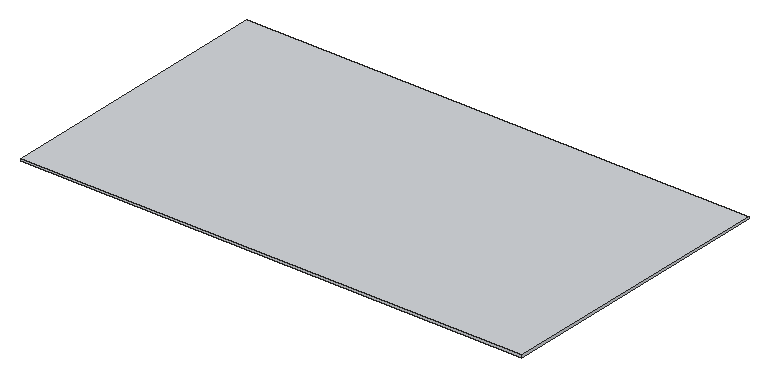
Revit family "LA2 Connected Rings", category Lighting Fixtures, host Face, Revit 2014
Parameters (values of type "10'x8"x6"")
  Weight = "75 lbs"
  Wattage Comments = ""
  Wattage = 9.6 W
  built-in parameter 1150110 = 1 (stored number, unit not read)
  built-in parameter 1114217 = 1 (stored number, unit not read)
  built-in parameter 1150109 = 1 (stored number, unit not read)
  built-in parameter 1150134 = (empty or 0)
  built-in parameter 1150113 = 1 (stored number, unit not read)
  Comments = "This model is for use in spatial massing and rendering. Please contact LightArt for pick-point placement and installation details."
  6' = no
  STANDARDS = "6-8 week lead time, Damp rated, UL Compliant / CSA Approved"
  Shade = 3form Varia Ecoresin
  Model = "LA2 Connected Rings"
  8' = no
  Manufacturer = "LightArt"
  Lumens = 960 lm
  built-in parameter 1150115 = 1 (stored number, unit not read)
  built-in parameter 1150105 = 305.58 (stored number, unit not read)
  Light Source Symbol Size = 2' - 0"
  built-in parameter 1150137 = (empty or 0)
  built-in parameter 1150139 = (empty or 0)
  Length = 4' - 0"
  16 = no
  14 = no
  10' = yes
  built-in parameter 1150112 = 1 (stored number, unit not read)
  built-in parameter 1150114 = 1 (stored number, unit not read)
  LIGHTING = "Solid State LED System\r\n120v-277v input; 24v driver;\r\n0-10v dimming compatible\r\n3000k 81 CRI light source\r\nS - 14w, 1050mA, 1045 lumens"
  Keynote = ""
  Input = "120v-277v"
  built-in parameter 1150132 = (empty or 0)
  built-in parameter 1150102 = (empty or 0)
  built-in parameter 1150138 = (empty or 0)
  built-in parameter 1150107 = 3000 (stored number, unit not read)
  built-in parameter 1150106 = 3.0558 (stored number, unit not read)
  Height = 0' - 4"
  Hardware = Stainless Steel Cables
  Suspension = if(Length < 8' 0", if(Length > 2' 0", Length, 2' 0"), 8' 0")  # 4' - 0"
  HARDWARE = "(8)3/64” Stainless Steel cables. Adjustable 24”-96” to canopy connection. Custom lengths available.\r\nStainless steel canopy mounts to\r\nstandard junction box (provided by others)\r\n(3-4) 3/64” stainless steel cables to canopy\r\nSilver power cord to canopy\r\nAdjustable 24”-96” suspension"
  Emit from Circle Diameter = 8' - 0"
  Emit Shape Visible in Rendering = no
  built-in parameter 1150104 = 9.2903 (stored number, unit not read)
  Driver = ""
  Dimming Lamp Color Temperature Shift = <None>
  Dimming Compatibility = "0-10v"
  Description = "(4) Stainless Steel canopies, \r\nMounts to standard junction box"
  Diffuser = White Opal Acrylic
  Default Elevation [instance] = 4' - 0"
  Color Filter = 16777215
  Canopy = La2-connect : La2-connect
  built-in parameter 1114218 = 1 (stored number, unit not read)
  built-in parameter 1150133 = 10 (stored number, unit not read)
  12' = no
Reference planes (in)
  plane 1 "Light Source Axis (F/B)": y = 0
  plane 2 "Ceiling": z = 0
  plane 3 "Light Source Axis (L/R)": x = 0
  plane 4 "Light Source Elevation": z = -51.6155
  plane 5: z = -49.6155
  plane 6: z = 0
  plane 7: z = -1.6155
Forms (in)
  Extrusion 1, solid
    sketch origin (0, 0, 0) x (1, 0, 0) y (0, 1, 0)
      loop
        line (-248.17771, -141.28972) -> (281.51136, -141.28972) -> (281.51136, 157.66541) -> (-248.17771, 157.66541) -> (-248.17771, -141.28972)
    from 0 to 2.30554
  Extrusion 2, solid, material "Stainless Steel Cables" <- "Hardware", visible <- "6'"
    sketch origin (0, 0, -96) x (1, 0, 0) y (0, 1, 0)
      loop
        circle (-33.33577, 0) r 0.02344
    from 46.3845 to 96
  Extrusion 3, solid, material "Stainless Steel Cables" <- "Hardware", visible <- "6'"
    sketch origin (0, 0, -96) x (0.5, -0.866025, 0) y (0.866025, 0.5, 0)
      loop
        circle (-33.33577, 0) r 0.02344
    from 46.3845 to 96
  Extrusion 4, solid, material "Stainless Steel Cables" <- "Hardware", visible <- "6'"
    sketch origin (0, 0, -96) x (-0.5, -0.866025, 0) y (0.866025, -0.5, 0)
      loop
        circle (-33.33577, 0) r 0.02344
    from 46.3845 to 96
  Extrusion 5, solid, material "Stainless Steel Cables" <- "Hardware", visible <- "6'"
    sketch origin (0, 0, -96) x (-1, 0, 0) y (0, -1, 0)
      loop
        circle (-33.33577, 0) r 0.02344
    from 46.3845 to 96
  Extrusion 6, solid, material "Stainless Steel Cables" <- "Hardware", visible <- "6'"
    sketch origin (0, 0, -96) x (-0.5, 0.866025, 0) y (-0.866025, -0.5, 0)
      loop
        circle (-33.33577, 0) r 0.02344
    from 46.3845 to 96
  Extrusion 7, solid, material "Stainless Steel Cables" <- "Hardware", visible <- "6'"
    sketch origin (0, 0, -96) x (0.5, 0.866025, 0) y (-0.866025, 0.5, 0)
      loop
        circle (-33.33577, 0) r 0.02344
    from 46.3845 to 96
  Extrusion 8, solid, material "Stainless Steel Cables" <- "Hardware", visible <- "8'"
    sketch origin (5.875, 10.1758, -96) x (-0.5, -0.866025, 0) y (0.866025, -0.5, 0)
      loop
        circle (-33.33577, 0) r 0.02344
    from 46.3845 to 96
  Extrusion 9, solid, material "Stainless Steel Cables" <- "Hardware", visible <- "8'"
    sketch origin (-3.04112, 11.34963, -96) x (0.258819, -0.965926, 0) y (0.965926, 0.258819, 0)
      loop
        circle (-33.33577, 0) r 0.02344
    from 46.3845 to 96
  Extrusion 10, solid, material "Stainless Steel Cables" <- "Hardware", visible <- "8'"
    sketch origin (-10.1758, 5.875, -96) x (0.866025, -0.5, 0) y (0.5, 0.866025, 0)
      loop
        circle (-33.33577, 0) r 0.02344
    from 46.3845 to 96
  Extrusion 11, solid, material "Stainless Steel Cables" <- "Hardware", visible <- "8'"
    sketch origin (-11.34963, -3.04112, -96) x (0.965926, 0.258819, 0) y (-0.258819, 0.965926, 0)
      loop
        circle (-33.33577, 0) r 0.02344
    from 46.3845 to 96
  Extrusion 12, solid, material "Stainless Steel Cables" <- "Hardware", visible <- "8'"
    sketch origin (-5.875, -10.1758, -96) x (0.5, 0.866025, 0) y (-0.866025, 0.5, 0)
      loop
        circle (-33.33577, 0) r 0.02344
    from 46.3845 to 96
  Extrusion 13, solid, material "Stainless Steel Cables" <- "Hardware", visible <- "8'"
    sketch origin (3.04112, -11.34963, -96) x (-0.258819, 0.965926, 0) y (-0.965926, -0.258819, 0)
      loop
        circle (-33.33577, 0) r 0.02344
    from 46.3845 to 96
  Extrusion 14, solid, material "Stainless Steel Cables" <- "Hardware", visible <- "8'"
    sketch origin (10.1758, -5.875, -96) x (-0.866025, 0.5, 0) y (-0.5, -0.866025, 0)
      loop
        circle (-33.33577, 0) r 0.02344
    from 46.3845 to 96
  Extrusion 15, solid, material "Stainless Steel Cables" <- "Hardware", visible <- "8'"
    sketch origin (11.34963, 3.04112, -96) x (-0.965926, -0.258819, 0) y (0.258819, -0.965926, 0)
      loop
        circle (-33.33577, 0) r 0.02344
    from 46.3845 to 96
  Extrusion 16, solid, material "Stainless Steel Cables" <- "Hardware", visible <- "12'"
    sketch origin (-34.29037, -9.18808, -96) x (0.965926, 0.258819, 0) y (-0.258819, 0.965926, 0)
      loop
        circle (-33.33577, 0) r 0.02344
    from 46.3845 to 96
  Extrusion 17, solid, material "Stainless Steel Cables" <- "Hardware", visible <- "12'"
    sketch origin (-30.7439, 17.75, -96) x (0.866025, -0.5, 0) y (0.5, 0.866025, 0)
      loop
        circle (-33.33577, 0) r 0.02344
    from 46.3845 to 96
  Extrusion 18, solid, material "Stainless Steel Cables" <- "Hardware", visible <- "12'"
    sketch origin (-9.18808, 34.29037, -96) x (0.258819, -0.965926, 0) y (0.965926, 0.258819, 0)
      loop
        circle (-33.33577, 0) r 0.02344
    from 46.3845 to 96
  Extrusion 19, solid, material "Stainless Steel Cables" <- "Hardware", visible <- "12'"
    sketch origin (17.75, 30.7439, -96) x (-0.5, -0.866025, 0) y (0.866025, -0.5, 0)
      loop
        circle (-33.33577, 0) r 0.02344
    from 46.3845 to 96
  Extrusion 20, solid, material "Stainless Steel Cables" <- "Hardware", visible <- "12'"
    sketch origin (34.29037, 9.18808, -96) x (-0.965926, -0.258819, 0) y (0.258819, -0.965926, 0)
      loop
        circle (-33.33577, 0) r 0.02344
    from 46.3845 to 96
  Extrusion 21, solid, material "Stainless Steel Cables" <- "Hardware", visible <- "12'"
    sketch origin (30.7439, -17.75, -96) x (-0.866025, 0.5, 0) y (-0.5, -0.866025, 0)
      loop
        circle (-33.33577, 0) r 0.02344
    from 46.3845 to 96
  Extrusion 22, solid, material "Stainless Steel Cables" <- "Hardware", visible <- "12'"
    sketch origin (9.18808, -34.29037, -96) x (-0.258819, 0.965926, 0) y (-0.965926, -0.258819, 0)
      loop
        circle (-33.33577, 0) r 0.02344
    from 46.3845 to 96
  Extrusion 23, solid, material "Stainless Steel Cables" <- "Hardware", visible <- "12'"
    sketch origin (-17.75, -30.7439, -96) x (0.5, 0.866025, 0) y (-0.866025, 0.5, 0)
      loop
        circle (-33.33577, 0) r 0.02344
    from 46.3845 to 96
  Extrusion 24, solid, material "Stainless Steel Cables" <- "Hardware", visible <- "10'"
    sketch origin (11.875, 20.5681, -96) x (-0.5, -0.866025, 0) y (0.866025, -0.5, 0)
      loop
        circle (-33.33577, 0) r 0.02344
    from 46.3845 to 96
  Extrusion 25, solid, material "Stainless Steel Cables" <- "Hardware", visible <- "10'"
    sketch origin (22.94074, 6.14695, -96) x (-0.965926, -0.258819, 0) y (0.258819, -0.965926, 0)
      loop
        circle (-33.33577, 0) r 0.02344
    from 46.3845 to 96
  Extrusion 26, solid, material "Stainless Steel Cables" <- "Hardware", visible <- "10'"
    sketch origin (20.5681, -11.875, -96) x (-0.866025, 0.5, 0) y (-0.5, -0.866025, 0)
      loop
        circle (-33.33577, 0) r 0.02344
    from 46.3845 to 96
  Extrusion 27, solid, material "Stainless Steel Cables" <- "Hardware", visible <- "10'"
    sketch origin (6.14695, -22.94074, -96) x (-0.258819, 0.965926, 0) y (-0.965926, -0.258819, 0)
      loop
        circle (-33.33577, 0) r 0.02344
    from 46.3845 to 96
  Extrusion 28, solid, material "Stainless Steel Cables" <- "Hardware", visible <- "10'"
    sketch origin (-11.875, -20.5681, -96) x (0.5, 0.866025, 0) y (-0.866025, 0.5, 0)
      loop
        circle (-33.33577, 0) r 0.02344
    from 46.3845 to 96
  Extrusion 29, solid, material "Stainless Steel Cables" <- "Hardware", visible <- "10'"
    sketch origin (-22.94074, -6.14695, -96) x (0.965926, 0.258819, 0) y (-0.258819, 0.965926, 0)
      loop
        circle (-33.33577, 0) r 0.02344
    from 46.3845 to 96
  Extrusion 30, solid, material "Stainless Steel Cables" <- "Hardware", visible <- "10'"
    sketch origin (-20.5681, 11.875, -96) x (0.866025, -0.5, 0) y (0.5, 0.866025, 0)
      loop
        circle (-33.33577, 0) r 0.02344
    from 46.3845 to 96
  Extrusion 31, solid, material "Stainless Steel Cables" <- "Hardware", visible <- "10'"
    sketch origin (-6.14695, 22.94074, -96) x (0.258819, -0.965926, 0) y (0.965926, 0.258819, 0)
      loop
        circle (-33.33577, 0) r 0.02344
    from 46.3845 to 96
  Extrusion 32, solid, material "Stainless Steel Cables" <- "Hardware", visible <- "14"
    sketch origin (41.22728, -24.55799, -96) x (-0.866025, 0.5, 0) y (-0.5, -0.866025, 0)
      loop
        circle (-33.33577, 0) r 0.02344
    from 46.3845 to 96
  Extrusion 33, solid, material "Stainless Steel Cables" <- "Hardware", visible <- "14"
    sketch origin (46.51721, 11.78697, -96) x (-0.965926, -0.258819, 0) y (0.258819, -0.965926, 0)
      loop
        circle (-33.33577, 0) r 0.02344
    from 46.3845 to 96
  Extrusion 34, solid, material "Stainless Steel Cables" <- "Hardware", visible <- "14"
    sketch origin (24.55799, 41.22728, -96) x (-0.5, -0.866025, 0) y (0.866025, -0.5, 0)
      loop
        circle (-33.33577, 0) r 0.02344
    from 46.3845 to 96
  Extrusion 35, solid, material "Stainless Steel Cables" <- "Hardware", visible <- "14"
    sketch origin (-11.78697, 46.51721, -96) x (0.258819, -0.965926, 0) y (0.965926, 0.258819, 0)
      loop
        circle (-33.33577, 0) r 0.02344
    from 46.3845 to 96
  Extrusion 36, solid, material "Stainless Steel Cables" <- "Hardware", visible <- "14"
    sketch origin (-41.22728, 24.55799, -96) x (0.866025, -0.5, 0) y (0.5, 0.866025, 0)
      loop
        circle (-33.33577, 0) r 0.02344
    from 46.3845 to 96
  Extrusion 37, solid, material "Stainless Steel Cables" <- "Hardware", visible <- "14"
    sketch origin (-46.51721, -11.78697, -96) x (0.965926, 0.258819, 0) y (-0.258819, 0.965926, 0)
      loop
        circle (-33.33577, 0) r 0.02344
    from 46.3845 to 96
  Extrusion 38, solid, material "Stainless Steel Cables" <- "Hardware", visible <- "14"
    sketch origin (-24.55799, -41.22728, -96) x (0.5, 0.866025, 0) y (-0.866025, 0.5, 0)
      loop
        circle (-33.33577, 0) r 0.02344
    from 46.3845 to 96
  Extrusion 39, solid, material "Stainless Steel Cables" <- "Hardware", visible <- "14"
    sketch origin (11.78697, -46.51721, -96) x (-0.258819, 0.965926, 0) y (-0.965926, -0.258819, 0)
      loop
        circle (-33.33577, 0) r 0.02344
    from 46.3845 to 96
  Extrusion 40, solid, material "Stainless Steel Cables" <- "Hardware", visible <- "16"
    sketch origin (3.77948, 59.61677, -96) x (-0.052336, -0.99863, 0) y (0.99863, -0.052336, 0)
      loop
        circle (-33.33577, 0) r 0.02344
    from 46.3845 to 96
  Extrusion 41, solid, material "Stainless Steel Cables" <- "Hardware", visible <- "16"
    sketch origin (33.08151, 49.7399, -96) x (-0.544639, -0.838671, 0) y (0.838671, -0.544639, 0)
      loop
        circle (-33.33577, 0) r 0.02344
    from 46.3845 to 96
  Extrusion 42, solid, material "Stainless Steel Cables" <- "Hardware", visible <- "16"
    sketch origin (53.51938, 26.53526, -96) x (-0.891007, -0.45399, 0) y (0.45399, -0.891007, 0)
      loop
        circle (-33.33577, 0) r 0.02344
    from 46.3845 to 96
  Extrusion 43, solid, material "Stainless Steel Cables" <- "Hardware", visible <- "16"
    sketch origin (59.61677, -3.77948, -96) x (-0.99863, 0.052336, 0) y (-0.052336, -0.99863, 0)
      loop
        circle (-33.33577, 0) r 0.02344
    from 46.3845 to 96
  Extrusion 44, solid, material "Stainless Steel Cables" <- "Hardware", visible <- "16"
    sketch origin (49.7399, -33.08151, -96) x (-0.838671, 0.544639, 0) y (-0.544639, -0.838671, 0)
      loop
        circle (-33.33577, 0) r 0.02344
    from 46.3845 to 96
  Extrusion 45, solid, material "Stainless Steel Cables" <- "Hardware", visible <- "16"
    sketch origin (26.53526, -53.51938, -96) x (-0.45399, 0.891007, 0) y (-0.891007, -0.45399, 0)
      loop
        circle (-33.33577, 0) r 0.02344
    from 46.3845 to 96
  Extrusion 46, solid, material "Stainless Steel Cables" <- "Hardware", visible <- "16"
    sketch origin (-3.77948, -59.61677, -96) x (0.052336, 0.99863, 0) y (-0.99863, 0.052336, 0)
      loop
        circle (-33.33577, 0) r 0.02344
    from 46.3845 to 96
  Extrusion 47, solid, material "Stainless Steel Cables" <- "Hardware", visible <- "16"
    sketch origin (-33.08151, -49.7399, -96) x (0.544639, 0.838671, 0) y (-0.838671, 0.544639, 0)
      loop
        circle (-33.33577, 0) r 0.02344
    from 46.3845 to 96
  Extrusion 48, solid, material "Stainless Steel Cables" <- "Hardware", visible <- "16"
    sketch origin (-53.51938, -26.53526, -96) x (0.891007, 0.45399, 0) y (-0.45399, 0.891007, 0)
      loop
        circle (-33.33577, 0) r 0.02344
    from 46.3845 to 96
  Extrusion 49, solid, material "Stainless Steel Cables" <- "Hardware", visible <- "16"
    sketch origin (-59.61677, 3.77948, -96) x (0.99863, -0.052336, 0) y (0.052336, 0.99863, 0)
      loop
        circle (-33.33577, 0) r 0.02344
    from 46.3845 to 96
  Extrusion 50, solid, material "Stainless Steel Cables" <- "Hardware", visible <- "16"
    sketch origin (-49.7399, 33.08151, -96) x (0.838671, -0.544639, 0) y (0.544639, 0.838671, 0)
      loop
        circle (-33.33577, 0) r 0.02344
    from 46.3845 to 96
  Extrusion 51, solid, material "Stainless Steel Cables" <- "Hardware", visible <- "16"
    sketch origin (-26.53526, 53.51938, -96) x (0.45399, -0.891007, 0) y (0.891007, 0.45399, 0)
      loop
        circle (-33.33577, 0) r 0.02344
    from 46.3845 to 96
  Extrusion 52, solid, material "Stainless Steel Cables" <- "Hardware", visible <- "16"
    sketch origin (3.77948, 58.86677, -96) x (-0.052336, -0.99863, 0) y (0.99863, -0.052336, 0)
      loop
        circle (-33.33577, 0) r 0.02344
    from 46.3845 to 96
  Extrusion 53, solid, material "Stainless Steel Cables" <- "Hardware", visible <- "16"
    sketch origin (52.86986, 26.16026, -96) x (-0.891007, -0.45399, 0) y (0.45399, -0.891007, 0)
      loop
        circle (-33.33577, 0) r 0.02344
    from 46.3845 to 96
  Extrusion 54, solid, material "Stainless Steel Cables" <- "Hardware", visible <- "16"
    sketch origin (49.09038, -32.70651, -96) x (-0.838671, 0.544639, 0) y (-0.544639, -0.838671, 0)
      loop
        circle (-33.33577, 0) r 0.02344
    from 46.3845 to 96
  Extrusion 55, solid, material "Stainless Steel Cables" <- "Hardware", visible <- "16"
    sketch origin (-3.77948, -58.86677, -96) x (0.052336, 0.99863, 0) y (-0.99863, 0.052336, 0)
      loop
        circle (-33.33577, 0) r 0.02344
    from 46.3845 to 96
  Extrusion 56, solid, material "Stainless Steel Cables" <- "Hardware", visible <- "16"
    sketch origin (-52.86986, -26.16026, -96) x (0.891007, 0.45399, 0) y (-0.45399, 0.891007, 0)
      loop
        circle (-33.33577, 0) r 0.02344
    from 46.3845 to 96
  Extrusion 57, solid, material "Stainless Steel Cables" <- "Hardware", visible <- "16"
    sketch origin (-49.09038, 32.70651, -96) x (0.838671, -0.544639, 0) y (0.544639, 0.838671, 0)
      loop
        circle (-33.33577, 0) r 0.02344
    from 46.3845 to 96
  Extrusion 58, solid, material "Stainless Steel Cables" <- "Hardware", visible <- "14"
    sketch origin (-46.01721, -11.78697, -96) x (0.965926, 0.258819, 0) y (-0.258819, 0.965926, 0)
      loop
        circle (-33.33577, 0) r 0.02344
    from 46.3845 to 96
  Extrusion 59, solid, material "Stainless Steel Cables" <- "Hardware", visible <- "14"
    sketch origin (-11.78697, 46.01721, -96) x (0.258819, -0.965926, 0) y (0.965926, 0.258819, 0)
      loop
        circle (-33.33577, 0) r 0.02344
    from 46.3845 to 96
  Extrusion 60, solid, material "Stainless Steel Cables" <- "Hardware", visible <- "14"
    sketch origin (46.01721, 11.78697, -96) x (-0.965926, -0.258819, 0) y (0.258819, -0.965926, 0)
      loop
        circle (-33.33577, 0) r 0.02344
    from 46.3845 to 96
  Extrusion 61, solid, material "Stainless Steel Cables" <- "Hardware", visible <- "14"
    sketch origin (11.78697, -46.01721, -96) x (-0.258819, 0.965926, 0) y (-0.965926, -0.258819, 0)
      loop
        circle (-33.33577, 0) r 0.02344
    from 46.3845 to 96
  Extrusion 62, solid, material "Stainless Steel Cables" <- "Hardware", visible <- "12'"
    sketch origin (9.68808, -34.29037, -96) x (-0.258819, 0.965926, 0) y (-0.965926, -0.258819, 0)
      loop
        circle (-33.33577, 0) r 0.02344
    from 46.3845 to 96
  Extrusion 63, solid, material "Stainless Steel Cables" <- "Hardware", visible <- "12'"
    sketch origin (-34.29037, -9.68808, -96) x (0.965926, 0.258819, 0) y (-0.258819, 0.965926, 0)
      loop
        circle (-33.33577, 0) r 0.02344
    from 46.3845 to 96
  Extrusion 64, solid, material "Stainless Steel Cables" <- "Hardware", visible <- "12'"
    sketch origin (-9.68808, 34.29037, -96) x (0.258819, -0.965926, 0) y (0.965926, 0.258819, 0)
      loop
        circle (-33.33577, 0) r 0.02344
    from 46.3845 to 96
  Extrusion 65, solid, material "Stainless Steel Cables" <- "Hardware", visible <- "12'"
    sketch origin (34.29037, 9.68808, -96) x (-0.965926, -0.258819, 0) y (0.258819, -0.965926, 0)
      loop
        circle (-33.33577, 0) r 0.02344
    from 46.3845 to 96
  Extrusion 66, solid, material "Stainless Steel Cables" <- "Hardware", visible <- "10'"
    sketch origin (6.05261, -22.58866, -96) x (-0.258819, 0.965926, 0) y (-0.965926, -0.258819, 0)
      loop
        circle (-33.33577, 0) r 0.02344
    from 46.3845 to 96
  Extrusion 67, solid, material "Stainless Steel Cables" <- "Hardware", visible <- "10'"
    sketch origin (-22.58866, -6.05261, -96) x (0.965926, 0.258819, 0) y (-0.258819, 0.965926, 0)
      loop
        circle (-33.33577, 0) r 0.02344
    from 46.3845 to 96
  Extrusion 68, solid, material "Stainless Steel Cables" <- "Hardware", visible <- "10'"
    sketch origin (-6.05261, 22.58866, -96) x (0.258819, -0.965926, 0) y (0.965926, 0.258819, 0)
      loop
        circle (-33.33577, 0) r 0.02344
    from 46.3845 to 96
  Extrusion 69, solid, material "Stainless Steel Cables" <- "Hardware", visible <- "10'"
    sketch origin (22.58866, 6.05261, -96) x (-0.965926, -0.258819, 0) y (0.258819, -0.965926, 0)
      loop
        circle (-33.33577, 0) r 0.02344
    from 46.3845 to 96
  Extrusion 70, solid, material "Stainless Steel Cables" <- "Hardware", visible <- "8'"
    sketch origin (-2.28723, 11.60922, -96) x (0.258819, -0.965926, 0) y (0.965926, 0.258819, 0)
      loop
        circle (-33.33577, 0) r 0.02344
    from 46.3845 to 96
  Extrusion 71, solid, material "Stainless Steel Cables" <- "Hardware", visible <- "8'"
    sketch origin (21.07119, -75.56559, -96) x (0.258819, -0.965926, 0) y (0.965926, 0.258819, 0)
      loop
        circle (-33.33577, 0) r 0.02344
    from 46.3845 to 96
  Extrusion 72, solid, material "Stainless Steel Cables" <- "Hardware", visible <- "6'"
    sketch origin (0.73301, 1.12874, -96) x (-0.5, 0.866025, 0) y (-0.866025, -0.5, 0)
      loop
        circle (-33.33577, 0) r 0.02344
    from 46.3845 to 96
  Extrusion 73, solid, material "Stainless Steel Cables" <- "Hardware", visible <- "6'"
    sketch origin (-0.73301, -1.12874, -96) x (0.5, -0.866025, 0) y (0.866025, 0.5, 0)
      loop
        circle (-33.33577, 0) r 0.02344
    from 46.3845 to 96
Lines and regions (in)
  reference lines
    curve 1: line (-15.96529, -9.22074, -49.6155) -> (-3.51049, -2.02409, -1.6155)
    curve 2: line (15.96529, -9.22074, -49.6155) -> (3.51049, -2.02409, -1.6155)
    curve 3: line (0.00104, 13.37003, -49.6155) -> (0.00326, 2.49949, -1.6155)
    curve 4: line (-11.02059, -6.36358, -49.6155) -> (-1.66021, -0.95495, -1.6155)
    curve 5: line (11.02059, -6.36358, -49.6155) -> (1.66021, -0.95495, -1.6155)
    curve 6: line (-11.02059, -6.36358, -49.6155) -> (-1.66021, -0.95495, -1.6155)
    curve 8: line (-8.02057, -4.63011, -49.6155) -> (-1.45567, -0.83676, -1.6155)
    curve 9: line (8.02057, -4.63011, -49.6155) -> (1.45567, -0.83676, -1.6155)
    curve 10: line (0.00104, 9.26107, -49.6155) -> (0.00328, 1.67903, -1.6155)
    curve 12: line (0.0022, 7.70821, -49.6155) -> (0.00351, 1.26323, -1.5625)
  reference lines, visible <- "8'"
    curve 7: line (-11.02059, -6.36358, -49.6155) -> (-1.66021, -0.95495, -1.6155)
    curve 11: line (-11.02059, -6.36358, -49.6155) -> (-1.66021, -0.95495, -1.6155)
  symbolic lines, visible <- "16"
    curve 13: arc (96, 0.00038, -96) -> (-0.00045, 96, -96) -> (-96, -0.00051, -96) r 96
    curve 14: arc (-96, -0.00051, -96) -> (0.00045, -96, -96) -> (96, 0.00038, -96) r 96
  symbolic lines, visible <- "14"
    curve 15: arc (84, 0.00038, -96) -> (-0.00041, 84, -96) -> (-84, -0.00045, -96) r 84
    curve 16: arc (-84, -0.00045, -96) -> (0.00041, -84, -96) -> (84, 0.00038, -96) r 84
  symbolic lines, visible <- "12'"
    curve 17: arc (72, 0.00038, -96) -> (-0.00038, 72, -96) -> (-72, -0.00038, -96) r 72
    curve 18: arc (-72, -0.00038, -96) -> (0.00038, -72, -96) -> (72, 0.00038, -96) r 72
Dimensions and locks (in)
  plane 5 to plane 4 "Light Source Elevation" = 0' - 2"
  locked: plane 2 "Ceiling" to plane 7 at 1.6155
  plane 5 to curve 1 = 0' - 0"
  "Suspension": plane 7 to plane 5
  aligned and locked: plane 3 "Light Source Axis (L/R)" to imposter light
  aligned and locked: plane 1 "Light Source Axis (F/B)" to imposter light
  aligned and locked: plane 4 "Light Source Elevation" to imposter light
  aligned and locked: plane 7 to curve 1
  aligned and locked: plane 7 to curve 2
  aligned and locked: plane 7 to curve 3
  aligned and locked: plane 7 to curve 4
  aligned and locked: plane 5 to curve 4
  aligned and locked: plane 7 to curve 5
  aligned and locked: plane 5 to curve 5
  aligned and locked: plane 7 to curve 8
  aligned and locked: plane 5 to curve 8
  aligned and locked: plane 7 to curve 9
  aligned and locked: plane 5 to curve 9
  aligned and locked: plane 3 "Light Source Axis (L/R)" to nested 1
  aligned and locked: plane 5 to nested 1
  aligned and locked: nested 2 to plane 5
  aligned and locked: nested 3 to plane 5
  aligned and locked: nested 4 to plane 5
  aligned and locked: Extrusion 3 to plane 5
  aligned and locked: Extrusion 4 to plane 5
  aligned and locked: Extrusion 2 to plane 5
  aligned and locked: Extrusion 5 to plane 5
  aligned and locked: Extrusion 7 to plane 5
  aligned and locked: Extrusion 6 to plane 5
  aligned and locked: plane 2 "Ceiling" to Extrusion 7
  aligned and locked: plane 2 "Ceiling" to Extrusion 6
  aligned and locked: plane 2 "Ceiling" to Extrusion 4
  aligned and locked: plane 2 "Ceiling" to Extrusion 3
  aligned and locked: plane 2 "Ceiling" to Extrusion 5
  aligned and locked: plane 2 "Ceiling" to Extrusion 2
  aligned and locked: Extrusion 9 to plane 5
  aligned and locked: Extrusion 8 to plane 5
  aligned and locked: Extrusion 10 to plane 5
  aligned and locked: Extrusion 15 to plane 5
  aligned and locked: Extrusion 11 to plane 5
  aligned and locked: Extrusion 14 to plane 5
  aligned and locked: Extrusion 12 to plane 5
  aligned and locked: Extrusion 13 to plane 5
  aligned and locked: Extrusion 13 to Extrusion 1
  aligned and locked: Extrusion 12 to Extrusion 1
  aligned and locked: Extrusion 7 to Extrusion 1
  aligned and locked: Extrusion 14 to Extrusion 1
  aligned and locked: Extrusion 11 to Extrusion 1
  aligned and locked: Extrusion 2 to Extrusion 1
  aligned and locked: Extrusion 15 to Extrusion 1
  aligned and locked: Extrusion 10 to Extrusion 1
  aligned and locked: Extrusion 3 to Extrusion 1
  aligned and locked: Extrusion 8 to Extrusion 1
  aligned and locked: Extrusion 9 to Extrusion 1
  aligned and locked: Extrusion 16 to plane 5
  aligned and locked: plane 2 "Ceiling" to Extrusion 16
  aligned and locked: Extrusion 18 to Extrusion 1
  aligned and locked: Extrusion 19 to Extrusion 1
  aligned and locked: Extrusion 17 to Extrusion 1
  aligned and locked: Extrusion 20 to Extrusion 1
  aligned and locked: Extrusion 16 to Extrusion 1
  aligned and locked: Extrusion 21 to Extrusion 1
  aligned and locked: Extrusion 23 to Extrusion 1
  aligned and locked: Extrusion 22 to Extrusion 1
  aligned and locked: Extrusion 22 to plane 5
  aligned and locked: Extrusion 23 to plane 5
  aligned and locked: Extrusion 21 to plane 5
  aligned and locked: Extrusion 16 to nested 1
  aligned and locked: Extrusion 20 to plane 5
  aligned and locked: Extrusion 17 to plane 5
  aligned and locked: Extrusion 19 to plane 5
  aligned and locked: Extrusion 18 to plane 5
  aligned and locked: plane 2 "Ceiling" to Extrusion 27
  aligned and locked: plane 2 "Ceiling" to Extrusion 28
  aligned and locked: plane 2 "Ceiling" to Extrusion 26
  aligned and locked: plane 2 "Ceiling" to Extrusion 29
  aligned and locked: plane 2 "Ceiling" to Extrusion 25
  aligned and locked: plane 2 "Ceiling" to Extrusion 30
  aligned and locked: plane 2 "Ceiling" to Extrusion 24
  aligned and locked: plane 2 "Ceiling" to Extrusion 31
  aligned and locked: Extrusion 31 to plane 5
  aligned and locked: Extrusion 24 to plane 5
  aligned and locked: Extrusion 30 to plane 5
  aligned and locked: Extrusion 25 to plane 5  (x2)
  aligned and locked: Extrusion 29 to plane 5
  aligned and locked: plane 5 to Extrusion 29
  aligned and locked: Extrusion 26 to plane 5
  aligned and locked: Extrusion 28 to plane 5
  aligned and locked: Extrusion 27 to plane 5
  aligned and locked: plane 2 "Ceiling" to Extrusion 35
  aligned and locked: plane 2 "Ceiling" to Extrusion 34
  aligned and locked: plane 2 "Ceiling" to Extrusion 36
  aligned and locked: plane 2 "Ceiling" to Extrusion 33
  aligned and locked: plane 2 "Ceiling" to Extrusion 37
  aligned and locked: plane 2 "Ceiling" to Extrusion 32
  aligned and locked: Extrusion 38 to plane 2 "Ceiling"
  aligned and locked: Extrusion 39 to plane 2 "Ceiling"
  aligned and locked: plane 5 to Extrusion 38
  aligned and locked: plane 5 to Extrusion 39
  aligned and locked: Extrusion 32 to plane 5
  aligned and locked: Extrusion 37 to plane 5
  aligned and locked: Extrusion 33 to plane 5
  aligned and locked: Extrusion 36 to plane 5
  aligned and locked: Extrusion 34 to plane 5
  aligned and locked: Extrusion 35 to plane 5
  aligned and locked: plane 2 "Ceiling" to Extrusion 40
  aligned and locked: Extrusion 40 to plane 5
  aligned and locked: Extrusion 49 to Extrusion 1
  aligned and locked: Extrusion 49 to nested 3
  aligned and locked: Extrusion 48 to Extrusion 1
  aligned and locked: Extrusion 48 to nested 3
  aligned and locked: Extrusion 50 to Extrusion 1
  aligned and locked: Extrusion 50 to nested 3
  aligned and locked: plane 2 "Ceiling" to Extrusion 47
  aligned and locked: Extrusion 47 to plane 5
  aligned and locked: plane 2 "Ceiling" to Extrusion 51
  aligned and locked: Extrusion 51 to plane 5
  aligned and locked: Extrusion 46 to plane 5
  aligned and locked: plane 2 "Ceiling" to Extrusion 46
  aligned and locked: Extrusion 40 to Extrusion 1
  aligned and locked: Extrusion 40 to nested 2
  aligned and locked: Extrusion 45 to plane 5
  aligned and locked: plane 2 "Ceiling" to Extrusion 45
  aligned and locked: plane 2 "Ceiling" to Extrusion 41
  aligned and locked: Extrusion 41 to plane 5
  aligned and locked: nested 2 to Extrusion 44
  aligned and locked: plane 2 "Ceiling" to Extrusion 44
  aligned and locked: Extrusion 43 to plane 2 "Ceiling"
  aligned and locked: Extrusion 43 to nested 3
  aligned and locked: plane 5 to Extrusion 42
  aligned and locked: Extrusion 52 to Extrusion 1
  aligned and locked: Extrusion 52 to nested 3
  aligned and locked: Extrusion 53 to Extrusion 1
  aligned and locked: Extrusion 53 to nested 3
  aligned and locked: Extrusion 54 to Extrusion 1
  aligned and locked: Extrusion 54 to nested 3
  aligned and locked: plane 2 "Ceiling" to Extrusion 52
  aligned and locked: Extrusion 52 to plane 5
  aligned and locked: plane 2 "Ceiling" to Extrusion 55
  aligned and locked: Extrusion 55 to plane 5
  aligned and locked: Extrusion 57 to Extrusion 1
  aligned and locked: Extrusion 57 to nested 3
  aligned and locked: Extrusion 56 to Extrusion 1
  aligned and locked: nested 2 to Extrusion 56
  aligned and locked: Extrusion 58 to Extrusion 1
  aligned and locked: Extrusion 58 to nested 3
  aligned and locked: plane 2 "Ceiling" to Extrusion 59
  aligned and locked: Extrusion 59 to plane 5
  aligned and locked: Extrusion 60 to Extrusion 1
  aligned and locked: Extrusion 60 to nested 3
  aligned and locked: plane 2 "Ceiling" to Extrusion 61
  aligned and locked: Extrusion 61 to plane 5
  aligned and locked: Extrusion 58 to Extrusion 37
  aligned and locked: Extrusion 58 to nested 4
  aligned and locked: plane 2 "Ceiling" to Extrusion 62
  aligned and locked: Extrusion 62 to plane 5
  aligned and locked: Extrusion 62 to Extrusion 1
  aligned and locked: Extrusion 62 to nested 2
  aligned and locked: plane 2 "Ceiling" to Extrusion 64
  aligned and locked: Extrusion 64 to plane 5
  aligned and locked: Extrusion 63 to Extrusion 1
  aligned and locked: plane 5 to Extrusion 63
  aligned and locked: plane 2 "Ceiling" to Extrusion 65
  aligned and locked: Extrusion 65 to plane 5
  aligned and locked: plane 2 "Ceiling" to Extrusion 66
  aligned and locked: Extrusion 66 to plane 5
  aligned and locked: Extrusion 69 to Extrusion 1
  aligned and locked: Extrusion 69 to plane 5
  aligned and locked: Extrusion 66 to Extrusion 1
  aligned and locked: Extrusion 66 to nested 1
  aligned and locked: plane 2 "Ceiling" to Extrusion 68
  aligned and locked: Extrusion 68 to plane 5
  aligned and locked: Extrusion 67 to Extrusion 1
  aligned and locked: Extrusion 67 to plane 5
  aligned and locked: plane 2 "Ceiling" to Extrusion 70
  aligned and locked: Extrusion 70 to plane 5
  aligned and locked: plane 2 "Ceiling" to Extrusion 71
  aligned and locked: Extrusion 71 to plane 5
  aligned and locked: plane 2 "Ceiling" to Extrusion 72
  aligned and locked: Extrusion 72 to plane 5
  aligned and locked: plane 2 "Ceiling" to Extrusion 73
  aligned and locked: Extrusion 73 to plane 5
Automatic sketch dimensions
  curve 13 to curve 14 = 0' - 0"
  curve 13 to curve 15 = 0' - 0"  (x2)
  curve 13 to curve 16 = 0' - 0"
  curve 13 to curve 17 = 0' - 0"
  curve 14 to curve 18 = 0' - 0"
  curve 17 to curve 18 = 0' - 0"
  plane 1 "Light Source Axis (F/B)" to curve 13 = 0' - 0"
  curve 13 to plane 3 "Light Source Axis (L/R)" = 0' - 0"
  plane 1 "Light Source Axis (F/B)" to curve 16 = 0' - 0.00045"
  curve 16 to curve 17 = 1' - 0"
  plane 1 "Light Source Axis (F/B)" to curve 14 = 0' - 0.00051"
  curve 14 to curve 15 = 1' - 0"
  curve 16 to plane 1 "Light Source Axis (F/B)" = 0' - 0.00038"
  curve 18 to plane 1 "Light Source Axis (F/B)" = 0' - 0.00038"
  curve 14 to plane 1 "Light Source Axis (F/B)" = 0' - 0.00038"
  Extrusion 1 sketch curve to Extrusion 1 sketch curve = 44' - 1.68907"
  Extrusion 1 sketch curve to Extrusion 1 sketch curve = 24' - 10.95514"
  curve 7 to plane 7 = 0' - 0"
  curve 6 to plane 7 = 0' - 0"
  curve 11 to plane 7 = 0' - 0"
  curve 7 to plane 5 = 0' - 0"
  curve 6 to plane 5 = 0' - 0"
  curve 11 to plane 5 = 0' - 0"
  curve 8 to curve 7 = 0' - 0.23624"
  curve 6 to curve 7 = 0' - 0"  (x2)
  curve 4 to curve 6 = 0' - 0"
  curve 11 to curve 6 = 0' - 0"  (x2)
  curve 6 to curve 1 = 0' - 2.13696"
  curve 1 to curve 8 = 0' - 5.20885"
  curve 8 to curve 7 = 0' - 3 119/256"
  curve 4 to curve 7 = 0' - 0"
  curve 4 to curve 1 = 0' - 5.71082"
  curve 2 to plane 7 = 0' - 0"
  curve 2 to plane 5 = 0' - 0"
  curve 9 to curve 5 = 0' - 0.23624"
  curve 5 to curve 2 = 0' - 2.13696"
  curve 2 to curve 9 = 0' - 5.20885"
  curve 9 to curve 5 = 0' - 3 119/256"
  curve 5 to curve 2 = 0' - 5.71082"
  curve 12 to plane 5 = 0' - 0"
  curve 3 to plane 5 = 0' - 0"
  plane 7 to curve 12 = 0' - 0.053"
  curve 12 to curve 3 = 0' - 1.23626"
  curve 3 to curve 12 = 0' - 5.20872"
  curve 12 to curve 3 = 0' - 5.66182"
  curve 10 to plane 7 = 0' - 0"
  curve 10 to plane 5 = 0' - 0"
  curve 10 to curve 10 = 0' - 7 149/256"
  Extrusion 2 sketch curve to Extrusion 2 sketch curve = 0' - 0"  (x2)
  plane 1 "Light Source Axis (F/B)" to Extrusion 2 sketch curve = 0' - 0"
  Extrusion 2 sketch curve to plane 3 "Light Source Axis (L/R)" = 2' - 9.33577"
  plane 1 "Light Source Axis (F/B)" to Extrusion 2 sketch curve = 0' - 0 3/128"
  Extrusion 3 sketch curve to Extrusion 3 sketch curve = 0' - 0"  (x2)
  Extrusion 3 sketch curve to plane 3 "Light Source Axis (L/R)" = 1' - 4.66788"
  Extrusion 3 sketch curve to plane 1 "Light Source Axis (F/B)" = 2' - 4.86962"
  Extrusion 3 sketch curve to Extrusion 3 sketch curve = 0' - 0 3/128"
  Extrusion 4 sketch curve to Extrusion 4 sketch curve = 0' - 0"  (x2)
  plane 3 "Light Source Axis (L/R)" to Extrusion 4 sketch curve = 1' - 4.66788"
  Extrusion 4 sketch curve to plane 1 "Light Source Axis (F/B)" = 2' - 4.86962"
  Extrusion 4 sketch curve to Extrusion 4 sketch curve = 0' - 0 3/128"
  Extrusion 5 sketch curve to Extrusion 5 sketch curve = 0' - 0"  (x2)
  plane 1 "Light Source Axis (F/B)" to Extrusion 5 sketch curve = 0' - 0"
  plane 3 "Light Source Axis (L/R)" to Extrusion 5 sketch curve = 2' - 9.33577"
  Extrusion 5 sketch curve to plane 1 "Light Source Axis (F/B)" = 0' - 0 3/128"
  Extrusion 6 sketch curve to Extrusion 6 sketch curve = 0' - 0"  (x2)
  plane 3 "Light Source Axis (L/R)" to Extrusion 6 sketch curve = 1' - 4.66788"
  plane 1 "Light Source Axis (F/B)" to Extrusion 6 sketch curve = 2' - 4.86962"
  Extrusion 6 sketch curve to Extrusion 6 sketch curve = 0' - 0 3/128"
  Extrusion 7 sketch curve to Extrusion 7 sketch curve = 0' - 0"  (x2)
  Extrusion 7 sketch curve to plane 3 "Light Source Axis (L/R)" = 1' - 4.66788"
  plane 1 "Light Source Axis (F/B)" to Extrusion 7 sketch curve = 2' - 4.86962"
  Extrusion 7 sketch curve to Extrusion 7 sketch curve = 0' - 0 3/128"
  Extrusion 8 sketch curve to Extrusion 8 sketch curve = 0' - 0"  (x2)
  plane 3 "Light Source Axis (L/R)" to Extrusion 8 sketch curve = 1' - 10.54288"
  Extrusion 8 sketch curve to plane 1 "Light Source Axis (F/B)" = 3' - 3.04542"
  Extrusion 8 sketch curve to Extrusion 8 sketch curve = 0' - 0 3/128"
  Extrusion 9 sketch curve to Extrusion 9 sketch curve = 0' - 0"  (x2)
  Extrusion 9 sketch curve to plane 3 "Light Source Axis (L/R)" = 0' - 11.66905"
  Extrusion 9 sketch curve to plane 1 "Light Source Axis (F/B)" = 3' - 7.54951"
  Extrusion 9 sketch curve to Extrusion 9 sketch curve = 0' - 0 3/128"
  Extrusion 10 sketch curve to Extrusion 10 sketch curve = 0' - 0"  (x2)
  Extrusion 10 sketch curve to plane 1 "Light Source Axis (F/B)" = 1' - 10.54288"
  Extrusion 10 sketch curve to plane 3 "Light Source Axis (L/R)" = 3' - 3.04542"
  Extrusion 10 sketch curve to Extrusion 10 sketch curve = 0' - 0 3/128"
  Extrusion 11 sketch curve to Extrusion 11 sketch curve = 0' - 0"  (x2)
  plane 1 "Light Source Axis (F/B)" to Extrusion 11 sketch curve = 0' - 11.66905"
  Extrusion 11 sketch curve to plane 3 "Light Source Axis (L/R)" = 3' - 7.54951"
  Extrusion 11 sketch curve to Extrusion 11 sketch curve = 0' - 0 3/128"
  Extrusion 12 sketch curve to Extrusion 12 sketch curve = 0' - 0"  (x2)
  Extrusion 12 sketch curve to plane 3 "Light Source Axis (L/R)" = 1' - 10.54288"
  plane 1 "Light Source Axis (F/B)" to Extrusion 12 sketch curve = 3' - 3.04542"
  Extrusion 12 sketch curve to Extrusion 12 sketch curve = 0' - 0 3/128"
  Extrusion 13 sketch curve to Extrusion 13 sketch curve = 0' - 0"  (x2)
  plane 3 "Light Source Axis (L/R)" to Extrusion 13 sketch curve = 0' - 11.66905"
  plane 1 "Light Source Axis (F/B)" to Extrusion 13 sketch curve = 3' - 7.54951"
  Extrusion 13 sketch curve to Extrusion 13 sketch curve = 0' - 0 3/128"
  Extrusion 14 sketch curve to Extrusion 14 sketch curve = 0' - 0"  (x2)
  plane 1 "Light Source Axis (F/B)" to Extrusion 14 sketch curve = 1' - 10.54288"
  plane 3 "Light Source Axis (L/R)" to Extrusion 14 sketch curve = 3' - 3.04542"
  Extrusion 14 sketch curve to Extrusion 14 sketch curve = 0' - 0 3/128"
  Extrusion 15 sketch curve to Extrusion 15 sketch curve = 0' - 0"  (x2)
  Extrusion 15 sketch curve to plane 1 "Light Source Axis (F/B)" = 0' - 11.66905"
  plane 3 "Light Source Axis (L/R)" to Extrusion 15 sketch curve = 3' - 7.54951"
  Extrusion 15 sketch curve to Extrusion 15 sketch curve = 0' - 0 3/128"
  Extrusion 16 sketch curve to Extrusion 16 sketch curve = 0' - 0"  (x2)
  plane 1 "Light Source Axis (F/B)" to Extrusion 16 sketch curve = 1' - 5.81601"
  Extrusion 16 sketch curve to plane 3 "Light Source Axis (L/R)" = 5' - 6.49024"
  Extrusion 16 sketch curve to Extrusion 16 sketch curve = 0' - 0 3/128"
  Extrusion 17 sketch curve to Extrusion 17 sketch curve = 0' - 0"  (x2)
  Extrusion 17 sketch curve to plane 1 "Light Source Axis (F/B)" = 2' - 10.41788"
  Extrusion 17 sketch curve to plane 3 "Light Source Axis (L/R)" = 4' - 11.61352"
  Extrusion 17 sketch curve to Extrusion 17 sketch curve = 0' - 0 3/128"
  Extrusion 18 sketch curve to Extrusion 18 sketch curve = 0' - 0"  (x2)
  Extrusion 18 sketch curve to plane 3 "Light Source Axis (L/R)" = 1' - 5.81601"
  Extrusion 18 sketch curve to plane 1 "Light Source Axis (F/B)" = 5' - 6.49024"
  Extrusion 18 sketch curve to Extrusion 18 sketch curve = 0' - 0 3/128"
  Extrusion 19 sketch curve to Extrusion 19 sketch curve = 0' - 0"  (x2)
  plane 3 "Light Source Axis (L/R)" to Extrusion 19 sketch curve = 2' - 10.41788"
  Extrusion 19 sketch curve to plane 1 "Light Source Axis (F/B)" = 4' - 11.61352"
  Extrusion 19 sketch curve to Extrusion 19 sketch curve = 0' - 0 3/128"
  Extrusion 20 sketch curve to Extrusion 20 sketch curve = 0' - 0"  (x2)
  Extrusion 20 sketch curve to plane 1 "Light Source Axis (F/B)" = 1' - 5.81601"
  plane 3 "Light Source Axis (L/R)" to Extrusion 20 sketch curve = 5' - 6.49024"
  Extrusion 20 sketch curve to Extrusion 20 sketch curve = 0' - 0 3/128"
  Extrusion 21 sketch curve to Extrusion 21 sketch curve = 0' - 0"  (x2)
  plane 1 "Light Source Axis (F/B)" to Extrusion 21 sketch curve = 2' - 10.41788"
  plane 3 "Light Source Axis (L/R)" to Extrusion 21 sketch curve = 4' - 11.61352"
  Extrusion 21 sketch curve to Extrusion 21 sketch curve = 0' - 0 3/128"
  Extrusion 22 sketch curve to Extrusion 22 sketch curve = 0' - 0"  (x2)
  plane 3 "Light Source Axis (L/R)" to Extrusion 22 sketch curve = 1' - 5.81601"
  plane 1 "Light Source Axis (F/B)" to Extrusion 22 sketch curve = 5' - 6.49024"
  Extrusion 22 sketch curve to Extrusion 22 sketch curve = 0' - 0 3/128"
  Extrusion 23 sketch curve to Extrusion 23 sketch curve = 0' - 0"  (x2)
  Extrusion 23 sketch curve to plane 3 "Light Source Axis (L/R)" = 2' - 10.41788"
  plane 1 "Light Source Axis (F/B)" to Extrusion 23 sketch curve = 4' - 11.61352"
  Extrusion 23 sketch curve to Extrusion 23 sketch curve = 0' - 0 3/128"
  Extrusion 24 sketch curve to Extrusion 24 sketch curve = 0' - 0"  (x2)
  plane 3 "Light Source Axis (L/R)" to Extrusion 24 sketch curve = 2' - 4.54288"
  Extrusion 24 sketch curve to plane 1 "Light Source Axis (F/B)" = 4' - 1.43772"
  Extrusion 24 sketch curve to Extrusion 24 sketch curve = 0' - 0 3/128"
  Extrusion 25 sketch curve to Extrusion 25 sketch curve = 0' - 0"  (x2)
  Extrusion 25 sketch curve to plane 1 "Light Source Axis (F/B)" = 1' - 2.77488"
  plane 3 "Light Source Axis (L/R)" to Extrusion 25 sketch curve = 4' - 7 9/64"
  Extrusion 25 sketch curve to Extrusion 25 sketch curve = 0' - 0 3/128"
  Extrusion 26 sketch curve to Extrusion 26 sketch curve = 0' - 0"  (x2)
  plane 1 "Light Source Axis (F/B)" to Extrusion 26 sketch curve = 2' - 4.54288"
  plane 3 "Light Source Axis (L/R)" to Extrusion 26 sketch curve = 4' - 1.43772"
  Extrusion 26 sketch curve to Extrusion 26 sketch curve = 0' - 0 3/128"
  Extrusion 27 sketch curve to Extrusion 27 sketch curve = 0' - 0"  (x2)
  plane 3 "Light Source Axis (L/R)" to Extrusion 27 sketch curve = 1' - 2.77488"
  plane 1 "Light Source Axis (F/B)" to Extrusion 27 sketch curve = 4' - 7 9/64"
  Extrusion 27 sketch curve to Extrusion 27 sketch curve = 0' - 0 3/128"
  Extrusion 28 sketch curve to Extrusion 28 sketch curve = 0' - 0"  (x2)
  Extrusion 28 sketch curve to plane 3 "Light Source Axis (L/R)" = 2' - 4.54288"
  plane 1 "Light Source Axis (F/B)" to Extrusion 28 sketch curve = 4' - 1.43772"
  Extrusion 28 sketch curve to Extrusion 28 sketch curve = 0' - 0 3/128"
  Extrusion 29 sketch curve to Extrusion 29 sketch curve = 0' - 0"  (x2)
  plane 1 "Light Source Axis (F/B)" to Extrusion 29 sketch curve = 1' - 2.77488"
  Extrusion 29 sketch curve to plane 3 "Light Source Axis (L/R)" = 4' - 7 9/64"
  Extrusion 29 sketch curve to Extrusion 29 sketch curve = 0' - 0 3/128"
  Extrusion 30 sketch curve to Extrusion 30 sketch curve = 0' - 0"  (x2)
  Extrusion 30 sketch curve to plane 1 "Light Source Axis (F/B)" = 2' - 4.54288"
  Extrusion 30 sketch curve to plane 3 "Light Source Axis (L/R)" = 4' - 1.43772"
  Extrusion 30 sketch curve to Extrusion 30 sketch curve = 0' - 0 3/128"
  Extrusion 31 sketch curve to Extrusion 31 sketch curve = 0' - 0"  (x2)
  Extrusion 31 sketch curve to plane 3 "Light Source Axis (L/R)" = 1' - 2.77488"
  Extrusion 31 sketch curve to plane 1 "Light Source Axis (F/B)" = 4' - 7 9/64"
  Extrusion 31 sketch curve to Extrusion 31 sketch curve = 0' - 0 3/128"
  Extrusion 32 sketch curve to Extrusion 32 sketch curve = 0' - 0"  (x2)
  plane 1 "Light Source Axis (F/B)" to Extrusion 32 sketch curve = 3' - 5.22587"
  plane 3 "Light Source Axis (L/R)" to Extrusion 32 sketch curve = 5' - 10.0969"
  Extrusion 32 sketch curve to Extrusion 32 sketch curve = 0' - 0 3/128"
  Extrusion 33 sketch curve to Extrusion 33 sketch curve = 0' - 0"  (x2)
  Extrusion 33 sketch curve to plane 1 "Light Source Axis (F/B)" = 1' - 8.4149"
  plane 3 "Light Source Axis (L/R)" to Extrusion 33 sketch curve = 6' - 6.71709"
  Extrusion 33 sketch curve to Extrusion 33 sketch curve = 0' - 0 3/128"
  Extrusion 34 sketch curve to Extrusion 34 sketch curve = 0' - 0"  (x2)
  plane 3 "Light Source Axis (L/R)" to Extrusion 34 sketch curve = 3' - 5.22587"
  Extrusion 34 sketch curve to plane 1 "Light Source Axis (F/B)" = 5' - 10.0969"
  Extrusion 34 sketch curve to Extrusion 34 sketch curve = 0' - 0 3/128"
  Extrusion 35 sketch curve to Extrusion 35 sketch curve = 0' - 0"  (x2)
  Extrusion 35 sketch curve to plane 3 "Light Source Axis (L/R)" = 1' - 8.4149"
  Extrusion 35 sketch curve to plane 1 "Light Source Axis (F/B)" = 6' - 6.71709"
  Extrusion 35 sketch curve to Extrusion 35 sketch curve = 0' - 0 3/128"
  Extrusion 36 sketch curve to Extrusion 36 sketch curve = 0' - 0"  (x2)
  Extrusion 36 sketch curve to plane 1 "Light Source Axis (F/B)" = 3' - 5.22587"
  Extrusion 36 sketch curve to plane 3 "Light Source Axis (L/R)" = 5' - 10.0969"
  Extrusion 36 sketch curve to Extrusion 36 sketch curve = 0' - 0 3/128"
  Extrusion 37 sketch curve to Extrusion 37 sketch curve = 0' - 0"  (x2)
  plane 1 "Light Source Axis (F/B)" to Extrusion 37 sketch curve = 1' - 8.4149"
  Extrusion 37 sketch curve to plane 3 "Light Source Axis (L/R)" = 6' - 6.71709"
  Extrusion 37 sketch curve to Extrusion 37 sketch curve = 0' - 0 3/128"
  Extrusion 38 sketch curve to Extrusion 38 sketch curve = 0' - 0"  (x2)
  Extrusion 38 sketch curve to plane 3 "Light Source Axis (L/R)" = 3' - 5.22587"
  plane 1 "Light Source Axis (F/B)" to Extrusion 38 sketch curve = 5' - 10.0969"
  Extrusion 38 sketch curve to Extrusion 38 sketch curve = 0' - 0 3/128"
  Extrusion 39 sketch curve to Extrusion 39 sketch curve = 0' - 0"  (x2)
  plane 3 "Light Source Axis (L/R)" to Extrusion 39 sketch curve = 1' - 8.4149"
  plane 1 "Light Source Axis (F/B)" to Extrusion 39 sketch curve = 6' - 6.71709"
  Extrusion 39 sketch curve to Extrusion 39 sketch curve = 0' - 0 3/128"
  Extrusion 40 sketch curve to Extrusion 40 sketch curve = 0' - 0"  (x2)
  plane 3 "Light Source Axis (L/R)" to Extrusion 40 sketch curve = 0' - 5.52414"
  Extrusion 40 sketch curve to plane 1 "Light Source Axis (F/B)" = 7' - 8.90685"
  Extrusion 40 sketch curve to Extrusion 40 sketch curve = 0' - 0 3/128"
  Extrusion 41 sketch curve to Extrusion 41 sketch curve = 0' - 0"  (x2)
  plane 3 "Light Source Axis (L/R)" to Extrusion 41 sketch curve = 4' - 3.23747"
  Extrusion 41 sketch curve to plane 1 "Light Source Axis (F/B)" = 6' - 5.69762"
  Extrusion 41 sketch curve to Extrusion 41 sketch curve = 0' - 0 3/128"
  Extrusion 42 sketch curve to Extrusion 42 sketch curve = 0' - 0"  (x2)
  Extrusion 42 sketch curve to plane 1 "Light Source Axis (F/B)" = 3' - 5.66938"
  plane 3 "Light Source Axis (L/R)" to Extrusion 42 sketch curve = 6' - 11.22176"
  Extrusion 42 sketch curve to Extrusion 42 sketch curve = 0' - 0 3/128"
  Extrusion 43 sketch curve to Extrusion 43 sketch curve = 0' - 0"  (x2)
  plane 1 "Light Source Axis (F/B)" to Extrusion 43 sketch curve = 0' - 5.52414"
  plane 3 "Light Source Axis (L/R)" to Extrusion 43 sketch curve = 7' - 8.90685"
  Extrusion 43 sketch curve to Extrusion 43 sketch curve = 0' - 0 3/128"
  Extrusion 44 sketch curve to Extrusion 44 sketch curve = 0' - 0"  (x2)
  plane 1 "Light Source Axis (F/B)" to Extrusion 44 sketch curve = 4' - 3.23747"
  plane 3 "Light Source Axis (L/R)" to Extrusion 44 sketch curve = 6' - 5.69762"
  Extrusion 44 sketch curve to Extrusion 44 sketch curve = 0' - 0 3/128"
  Extrusion 45 sketch curve to Extrusion 45 sketch curve = 0' - 0"  (x2)
  plane 3 "Light Source Axis (L/R)" to Extrusion 45 sketch curve = 3' - 5.66938"
  plane 1 "Light Source Axis (F/B)" to Extrusion 45 sketch curve = 6' - 11.22176"
  Extrusion 45 sketch curve to Extrusion 45 sketch curve = 0' - 0 3/128"
  Extrusion 46 sketch curve to Extrusion 46 sketch curve = 0' - 0"  (x2)
  Extrusion 46 sketch curve to plane 3 "Light Source Axis (L/R)" = 0' - 5.52414"
  plane 1 "Light Source Axis (F/B)" to Extrusion 46 sketch curve = 7' - 8.90685"
  Extrusion 46 sketch curve to Extrusion 46 sketch curve = 0' - 0 3/128"
  Extrusion 47 sketch curve to Extrusion 47 sketch curve = 0' - 0"  (x2)
  Extrusion 47 sketch curve to plane 3 "Light Source Axis (L/R)" = 4' - 3.23747"
  plane 1 "Light Source Axis (F/B)" to Extrusion 47 sketch curve = 6' - 5.69762"
  Extrusion 47 sketch curve to Extrusion 47 sketch curve = 0' - 0 3/128"
  Extrusion 48 sketch curve to Extrusion 48 sketch curve = 0' - 0"  (x2)
  plane 1 "Light Source Axis (F/B)" to Extrusion 48 sketch curve = 3' - 5.66938"
  Extrusion 48 sketch curve to plane 3 "Light Source Axis (L/R)" = 6' - 11.22176"
  Extrusion 48 sketch curve to Extrusion 48 sketch curve = 0' - 0 3/128"
  Extrusion 49 sketch curve to Extrusion 49 sketch curve = 0' - 0"  (x2)
  Extrusion 49 sketch curve to plane 1 "Light Source Axis (F/B)" = 0' - 5.52414"
  Extrusion 49 sketch curve to plane 3 "Light Source Axis (L/R)" = 7' - 8.90685"
  Extrusion 49 sketch curve to Extrusion 49 sketch curve = 0' - 0 3/128"
  Extrusion 50 sketch curve to Extrusion 50 sketch curve = 0' - 0"  (x2)
  Extrusion 50 sketch curve to plane 1 "Light Source Axis (F/B)" = 4' - 3.23747"
  Extrusion 50 sketch curve to plane 3 "Light Source Axis (L/R)" = 6' - 5.69762"
  Extrusion 50 sketch curve to Extrusion 50 sketch curve = 0' - 0 3/128"
  Extrusion 51 sketch curve to Extrusion 51 sketch curve = 0' - 0"  (x2)
  Extrusion 51 sketch curve to plane 3 "Light Source Axis (L/R)" = 3' - 5.66938"
  Extrusion 51 sketch curve to plane 1 "Light Source Axis (F/B)" = 6' - 11.22176"
  Extrusion 51 sketch curve to Extrusion 51 sketch curve = 0' - 0 3/128"
  Extrusion 52 sketch curve to Extrusion 52 sketch curve = 0' - 0"  (x2)
  plane 3 "Light Source Axis (L/R)" to Extrusion 52 sketch curve = 0' - 5.52414"
  Extrusion 52 sketch curve to plane 1 "Light Source Axis (F/B)" = 7' - 8.15685"
  Extrusion 52 sketch curve to Extrusion 52 sketch curve = 0' - 0 3/128"
  Extrusion 53 sketch curve to Extrusion 53 sketch curve = 0' - 0"  (x2)
  Extrusion 53 sketch curve to plane 1 "Light Source Axis (F/B)" = 3' - 5.29438"
  plane 3 "Light Source Axis (L/R)" to Extrusion 53 sketch curve = 6' - 10.57224"
  Extrusion 53 sketch curve to Extrusion 53 sketch curve = 0' - 0 3/128"
  Extrusion 54 sketch curve to Extrusion 54 sketch curve = 0' - 0"  (x2)
  plane 1 "Light Source Axis (F/B)" to Extrusion 54 sketch curve = 4' - 2.86247"
  plane 3 "Light Source Axis (L/R)" to Extrusion 54 sketch curve = 6' - 5.0481"
  Extrusion 54 sketch curve to Extrusion 54 sketch curve = 0' - 0 3/128"
  Extrusion 55 sketch curve to Extrusion 55 sketch curve = 0' - 0"  (x2)
  Extrusion 55 sketch curve to plane 3 "Light Source Axis (L/R)" = 0' - 5.52414"
  plane 1 "Light Source Axis (F/B)" to Extrusion 55 sketch curve = 7' - 8.15685"
  Extrusion 55 sketch curve to Extrusion 55 sketch curve = 0' - 0 3/128"
  Extrusion 56 sketch curve to Extrusion 56 sketch curve = 0' - 0"  (x2)
  plane 1 "Light Source Axis (F/B)" to Extrusion 56 sketch curve = 3' - 5.29438"
  Extrusion 56 sketch curve to plane 3 "Light Source Axis (L/R)" = 6' - 10.57224"
  Extrusion 56 sketch curve to Extrusion 56 sketch curve = 0' - 0 3/128"
  Extrusion 57 sketch curve to Extrusion 57 sketch curve = 0' - 0"  (x2)
  Extrusion 57 sketch curve to plane 1 "Light Source Axis (F/B)" = 4' - 2.86247"
  Extrusion 57 sketch curve to plane 3 "Light Source Axis (L/R)" = 6' - 5.0481"
  Extrusion 57 sketch curve to Extrusion 57 sketch curve = 0' - 0 3/128"
  Extrusion 58 sketch curve to Extrusion 58 sketch curve = 0' - 0"  (x2)
  plane 1 "Light Source Axis (F/B)" to Extrusion 58 sketch curve = 1' - 8.4149"
  Extrusion 58 sketch curve to plane 3 "Light Source Axis (L/R)" = 6' - 6.21709"
  Extrusion 58 sketch curve to Extrusion 58 sketch curve = 0' - 0 3/128"
  Extrusion 59 sketch curve to Extrusion 59 sketch curve = 0' - 0"  (x2)
  Extrusion 59 sketch curve to plane 3 "Light Source Axis (L/R)" = 1' - 8.4149"
  Extrusion 59 sketch curve to plane 1 "Light Source Axis (F/B)" = 6' - 6.21709"
  Extrusion 59 sketch curve to Extrusion 59 sketch curve = 0' - 0 3/128"
  Extrusion 60 sketch curve to Extrusion 60 sketch curve = 0' - 0"  (x2)
  Extrusion 60 sketch curve to plane 1 "Light Source Axis (F/B)" = 1' - 8.4149"
  plane 3 "Light Source Axis (L/R)" to Extrusion 60 sketch curve = 6' - 6.21709"
  Extrusion 60 sketch curve to Extrusion 60 sketch curve = 0' - 0 3/128"
  Extrusion 61 sketch curve to Extrusion 61 sketch curve = 0' - 0"  (x2)
  plane 3 "Light Source Axis (L/R)" to Extrusion 61 sketch curve = 1' - 8.4149"
  plane 1 "Light Source Axis (F/B)" to Extrusion 61 sketch curve = 6' - 6.21709"
  Extrusion 61 sketch curve to Extrusion 61 sketch curve = 0' - 0 3/128"
  Extrusion 62 sketch curve to Extrusion 62 sketch curve = 0' - 0"  (x2)
  plane 3 "Light Source Axis (L/R)" to Extrusion 62 sketch curve = 1' - 6.31601"
  plane 1 "Light Source Axis (F/B)" to Extrusion 62 sketch curve = 5' - 6.49024"
  Extrusion 62 sketch curve to Extrusion 62 sketch curve = 0' - 0 3/128"
  Extrusion 63 sketch curve to Extrusion 63 sketch curve = 0' - 0"  (x2)
  plane 1 "Light Source Axis (F/B)" to Extrusion 63 sketch curve = 1' - 6.31601"
  Extrusion 63 sketch curve to plane 3 "Light Source Axis (L/R)" = 5' - 6.49024"
  Extrusion 63 sketch curve to Extrusion 63 sketch curve = 0' - 0 3/128"
  Extrusion 64 sketch curve to Extrusion 64 sketch curve = 0' - 0"  (x2)
  Extrusion 64 sketch curve to plane 3 "Light Source Axis (L/R)" = 1' - 6.31601"
  Extrusion 64 sketch curve to plane 1 "Light Source Axis (F/B)" = 5' - 6.49024"
  Extrusion 64 sketch curve to Extrusion 64 sketch curve = 0' - 0 3/128"
  Extrusion 65 sketch curve to Extrusion 65 sketch curve = 0' - 0"  (x2)
  Extrusion 65 sketch curve to plane 1 "Light Source Axis (F/B)" = 1' - 6.31601"
  plane 3 "Light Source Axis (L/R)" to Extrusion 65 sketch curve = 5' - 6.49024"
  Extrusion 65 sketch curve to Extrusion 65 sketch curve = 0' - 0 3/128"
  Extrusion 66 sketch curve to Extrusion 66 sketch curve = 0' - 0"  (x2)
  plane 3 "Light Source Axis (L/R)" to Extrusion 66 sketch curve = 1' - 2.68054"
  plane 1 "Light Source Axis (F/B)" to Extrusion 66 sketch curve = 4' - 6.78853"
  Extrusion 66 sketch curve to Extrusion 66 sketch curve = 0' - 0 3/128"
  Extrusion 67 sketch curve to Extrusion 67 sketch curve = 0' - 0"  (x2)
  plane 1 "Light Source Axis (F/B)" to Extrusion 67 sketch curve = 1' - 2.68054"
  Extrusion 67 sketch curve to plane 3 "Light Source Axis (L/R)" = 4' - 6.78853"
  Extrusion 67 sketch curve to Extrusion 67 sketch curve = 0' - 0 3/128"
  Extrusion 68 sketch curve to Extrusion 68 sketch curve = 0' - 0"  (x2)
  Extrusion 68 sketch curve to plane 3 "Light Source Axis (L/R)" = 1' - 2.68054"
  Extrusion 68 sketch curve to plane 1 "Light Source Axis (F/B)" = 4' - 6.78853"
  Extrusion 68 sketch curve to Extrusion 68 sketch curve = 0' - 0 3/128"
  Extrusion 69 sketch curve to Extrusion 69 sketch curve = 0' - 0"  (x2)
  Extrusion 69 sketch curve to plane 1 "Light Source Axis (F/B)" = 1' - 2.68054"
  plane 3 "Light Source Axis (L/R)" to Extrusion 69 sketch curve = 4' - 6.78853"
  Extrusion 69 sketch curve to Extrusion 69 sketch curve = 0' - 0 3/128"
  Extrusion 70 sketch curve to Extrusion 70 sketch curve = 0' - 0"  (x2)
  Extrusion 70 sketch curve to plane 3 "Light Source Axis (L/R)" = 0' - 10.91516"
  Extrusion 70 sketch curve to plane 1 "Light Source Axis (F/B)" = 3' - 7.80909"
  Extrusion 70 sketch curve to Extrusion 70 sketch curve = 0' - 0 3/128"
  Extrusion 71 sketch curve to Extrusion 71 sketch curve = 0' - 0"  (x2)
  plane 3 "Light Source Axis (L/R)" to Extrusion 71 sketch curve = 1' - 0.44326"
  plane 1 "Light Source Axis (F/B)" to Extrusion 71 sketch curve = 3' - 7.36571"
  Extrusion 71 sketch curve to Extrusion 71 sketch curve = 0' - 0 3/128"
  Extrusion 72 sketch curve to Extrusion 72 sketch curve = 0' - 0"  (x2)
  plane 3 "Light Source Axis (L/R)" to Extrusion 72 sketch curve = 1' - 5.4009"
  plane 1 "Light Source Axis (F/B)" to Extrusion 72 sketch curve = 2' - 3.74088"
  Extrusion 72 sketch curve to Extrusion 72 sketch curve = 0' - 0 3/128"
  Extrusion 73 sketch curve to Extrusion 73 sketch curve = 0' - 0"  (x2)
  Extrusion 73 sketch curve to plane 3 "Light Source Axis (L/R)" = 1' - 5.4009"
  Extrusion 73 sketch curve to plane 1 "Light Source Axis (F/B)" = 2' - 3.74088"
  Extrusion 73 sketch curve to Extrusion 73 sketch curve = 0' - 0 3/128"
  plane 1 "Light Source Axis (F/B)" to curve 18 = 0' - 0.00038"
  curve 18 to plane 3 "Light Source Axis (L/R)" = 6' - 0"
Nested families (in)
  nested 1: "LA2" at (0, 0, -57.6155), type "8'"
  nested 2: "LA2-12" at (0, 0, -57.6155), visible <- "12'", type "LA2-12"
  nested 3: "LA2-12" at (0, 0, -57.6155), visible <- "16", type "LA2-12 3"
    with Radius 8' - 0", R1 7' - 11.87", Inner Radius1 7' - 5.87", Inner Radius 7' - 6"
  nested 4: "LA2-12" at (0, 0, -57.6155), visible <- "14", type "LA2-12 2"
    with Radius 7' - 0", R1 6' - 11.87", Inner Radius1 6' - 5.87", Inner Radius 6' - 6"
